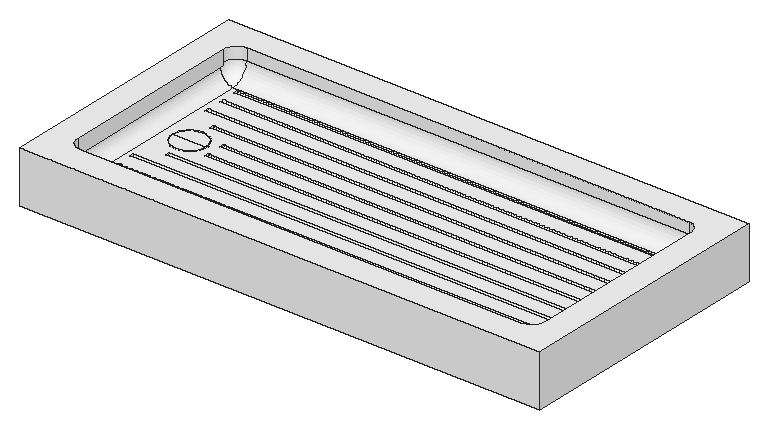
Revit family "RECEPTÁCULO DE ACRÍLICO 140 X 70", category Aparatos sanitarios, Revit 2020
Family settings
  Cota de conector redondo = Radio de uso
  Tipo de pieza = Normal
  Número OmniClass = 23.45.05.14.21.11
  Título OmniClass = Bath/Shower Units
  Se basa en plano de trabajo = No
  Siempre vertical = Sí
  Corte con vacíos al cargar = No
  Compartido = No
  Punto de cálculo de habitación = No
Parameters (values of type "RECEPTÁCULO DE ACRÍLICO 140 X 70")
  URL = "https://briggs.cl/producto/receptaculo-de-ducha-acrilico-140-cm-con-registro-y-desague/"
  Receptáculo = Acrílico Recubierto
  Sanitary Radius = 20 mm
  WFU = 2
  F_Tolerancia dimensional = ""
  F_Tipo de instalación = ""
  F_Tipo de aro = ""
  F_SKU = "SB0048901301CB"
  F_Profundidad = 140.00 cm
  F_Productos necesarios para instalación = ""
  F_Productos incluidos = "Desgüe gran caudal, sifón corrugado"
  F_Peso = 15.60 kgf
  F_Distancia de instalación a muro terminado (cm) = ""
  F_Descripción = "Receptáculo acrílico recubierto de 2,5 mm de espesor con registro. Fibra de vidrio álcali-resistente, resina insaturada y\r\nbarra de madera MDF. Superficie interior con relieve, patas ajustables. Resiste 200 kg"
  F_Contacto comercial = "ventas@briggs.cl"
  F_Consumo / Capacidad de agua (L) = ""
  F_Color = "Blanco"
  F_Certificación = ""
  F_Ancho = 70.00 cm
  F_Alto = 14.00 cm
  Elevación por defecto = 0.00 cm
  HWFU = 1
  Flow Pressure [instance] = 55158.0 Pa
  Cold Water Radius = 7.5 mm
  CWFU = 1
Reference planes (cm)
  plane 1 "Center (Front/Back)": y = 0
  plane 2: z = 0
  plane 3 "Center (Left/Right)": x = 0
  plane 4: y = 35
  plane 5: y = -35
  plane 6: z = 14
  plane 7: y = 28
  plane 8: y = -28
  plane 9: x = 70
  plane 10: x = 63
  plane 11: x = -70
  plane 12: x = -63
  plane 13 "Desague": x = -52.5
Forms (cm)
  Extrusion 1, solid, material "Acrílico Recubierto" <- "Receptáculo"
    sketch origin (0, 0, 0) x (1, 0, 0) y (0, 1, 0)
      loop
        line (-70, 35) -> (-70, -35) -> (70, -35) -> (70, 35) -> (-70, 35)
    from 0 to 14
  Sweep 2, void
    path origin (0, 0, 0) x (0, 1, 0) y (0, 0, 1)
      loop
        line (-24.5, 21.5) -> (-24.5, 11)
        arc (-24.5, 11) -> (-24.2071, 10.2929) -> (-23.5, 10) r 1
        line (-23.5, 10) -> (23.5, 10)
        arc (23.5, 10) -> (24.2071, 10.2929) -> (24.5, 11) r 1
        line (24.5, 11) -> (24.5, 21.5)
    profile origin (0, -24.5, 16.25) x (1, 0, 0) y (0, 1, 0)
      loop
        arc (59.5, -3.5) -> (61.9749, -2.4749) -> (63, 0) r 3.5
        line (63, 0) -> (-63, 0)
        arc (-63, 0) -> (-61.9749, -2.4749) -> (-59.5, -3.5) r 3.5
        line (-59.5, -3.5) -> (59.5, -3.5)
  Extrusion 3, void
    sketch origin (0, 0, 0) x (1, 0, 0) y (0, 1, 0)
      loop
        line (-63, 24.5) -> (-63, -24.5) -> (63, -24.5) -> (63, 24.5) -> (-63, 24.5)
    from 10 to 14
  Extrusion 4, void
    sketch origin (-5, 0, 0) x (1, 0, 0) y (0, 1, 0)
      loop
        circle (-47.5, 0) r 4.5
    from 0 to 25
  Extrusion 5, void
    sketch origin (0, 0, 0) x (0, 1, 0) y (0, 0, 1)
      loop
        arc (12, 6.5) -> (12.5, 6) -> (13, 6.5) r 0.5
        line (13, 6.5) -> (12, 6.5)
      loop
        arc (17, 6.5) -> (17.5, 6) -> (18, 6.5) r 0.5
        line (18, 6.5) -> (17, 6.5)
      loop
        arc (22, 6.5) -> (22.5, 6) -> (23, 6.5) r 0.5
        line (23, 6.5) -> (22, 6.5)
      loop
        line (-12, 6.5) -> (-13, 6.5)
        arc (-13, 6.5) -> (-12.5, 6) -> (-12, 6.5) r 0.5
      loop
        line (-17, 6.5) -> (-18, 6.5)
        arc (-18, 6.5) -> (-17.5, 6) -> (-17, 6.5) r 0.5
      loop
        line (-22, 6.5) -> (-23, 6.5)
        arc (-23, 6.5) -> (-22.5, 6) -> (-22, 6.5) r 0.5
    from -58 to 58
  Extrusion 6, void
    sketch origin (0, 0, 0) x (0, 1, 0) y (0, 0, 1)
      loop
        arc (7, 6.5) -> (7.5, 6) -> (8, 6.5) r 0.5
        line (8, 6.5) -> (7, 6.5)
      loop
        line (-7, 6.5) -> (-8, 6.5)
        arc (-8, 6.5) -> (-7.5, 6) -> (-7, 6.5) r 0.5
    from -52.5 to 58
  Extrusion 7, void
    sketch origin (0, 0, 0) x (0, 1, 0) y (0, 0, 1)
      loop
        arc (2, 6.5) -> (2.5, 6) -> (3, 6.5) r 0.5
        line (3, 6.5) -> (2, 6.5)
      loop
        line (-2, 6.5) -> (-3, 6.5)
        arc (-3, 6.5) -> (-2.5, 6) -> (-2, 6.5) r 0.5
    from -45.91 to 58
  Revolve 8, solid, material "Acrílico Recubierto" <- "Receptáculo"
    sketch origin (-5, 0, 0) x (1, 0, 0) y (0, 0, 1)
      loop
        line (-47.5, 6.5) -> (-47.5, 0) -> (-44.5, 0) -> (-44.5, 1.2312) -> (-44.1683, 1.2312) -> (-44.1683, 3.3157) -> (-43.9568, 3.3157) -> (-43.9568, 3.8157) -> (-43.8366, 3.8157) -> (-43.8366, 4.6252) -> (-43.2825, 4.6252) -> (-43.2825, 5.6252) -> (-43, 6.0036) -> (-43, 6.5) -> (-47.5, 6.5)
      axis (-47.5, 6.5) -> (-47.5, 0)
    angle from 0 to 360
  Extrusion 9, solid, material "Acrílico Recubierto" <- "Receptáculo"
    sketch origin (-52.5, 0, 0) x (0, 1, 0) y (0, 0, 1)
      loop
        circle (0, 2.9407) r 2.54
    from 0 to 6.59
  Extrusion 10, solid, material "Acrílico Recubierto" <- "Receptáculo"
    sketch origin (-52.5, 0, 0) x (0, 1, 0) y (0, 0, 1)
      loop
        circle (0, 2.9407) r 1.27
    from 0 to -6.59
  Extrusion 11, void
    sketch origin (0, 0, 0) x (1, 0, 0) y (0, 1, 0)
      loop
        line (62.5, -32.5) -> (62.5, 32.5) -> (-62.5, 32.5) -> (-62.5, -32.5) -> (62.5, -32.5)
    from 0 to 6
Cuts and joins
  Sweep 2, Extrusion 3, Extrusion 4, Extrusion 5, Extrusion 6, Extrusion 7, Extrusion 11 cuts Extrusion 1
Lines and regions (cm)
  Masking region 1
    outline origin (0, 0, 0) x (1, 0, 0) y (0, 0, 1)
      loop
        line (-70, 14) -> (-70, 0) -> (70, 0) -> (70, 14) -> (-70, 14)
  symbolic lines
    curve 1: line (-63, 0, 14) -> (-63, 0, 10.6175)
    curve 2: line (-59.3845, 0, 7.1194) -> (61.066, 0, 10.7663)
    curve 3: arc (-63, 0, 10.6175) -> (-61.9337, 0, 8.1021) -> (-59.3845, 0, 7.1194) r 3.5
    curve 4: line (-57, 0, 6.4052) -> (-48, 0, 6.4052)
    curve 5: line (-57, 0, 5.3388) -> (-57, 0, 6.4052)
    curve 6: line (-48, 0, 5.3388) -> (-57, 0, 5.3388)
    curve 7: line (-48, 0, 6.4052) -> (-48, 0, 5.3388)
    curve 8: line (-48, 0, 6.4052) -> (-47.1483, 0, 7.4899)
    curve 9: line (-57, 0, 6.4052) -> (-57.5095, 0, 7.1761)
    curve 27: line (63, 0, 12.7652) -> (63, 0, 14)
    curve 28: arc (61.066, 0, 10.7663) -> (62.4374, 0, 11.3746) -> (63, 0, 12.7652) r 2
  symbolic lines, style "PlumbingFixturesHiddenLines"
    curve 10: line (-52.5, 0, 7.3278) -> (-52.5, 0, 0)
  model lines, style "PlumbingFixturesHiddenLines"
    curve 11: line (-67.5, -35, 13) -> (-67.5, -35, 1)
    curve 12: line (-47.5, -35, 13) -> (-47.5, -35, 1)
    curve 13: line (-67.5, -35, 13) -> (-47.5, -35, 13)
    curve 14: line (-67.5, -35, 1) -> (-47.5, -35, 1)
    curve 15: line (-66.5, -35, 12) -> (-48.5, -35, 12)
    curve 16: line (-66.5, -35, 2) -> (-66.5, -35, 12)
    curve 17: line (-48.5, -35, 2) -> (-66.5, -35, 2)
    curve 18: line (-48.5, -35, 12) -> (-48.5, -35, 2)
    curve 19: line (-67.5, 35, 13) -> (-67.5, 35, 1)
    curve 20: line (-47.5, 35, 13) -> (-47.5, 35, 1)
    curve 21: line (-67.5, 35, 13) -> (-47.5, 35, 13)
    curve 22: line (-67.5, 35, 1) -> (-47.5, 35, 1)
    curve 23: line (-66.5, 35, 12) -> (-48.5, 35, 12)
    curve 24: line (-66.5, 35, 2) -> (-66.5, 35, 12)
    curve 25: line (-48.5, 35, 2) -> (-66.5, 35, 2)
    curve 26: line (-48.5, 35, 12) -> (-48.5, 35, 2)
Dimensions and locks (cm)
  plane 11 to plane 3 "Center (Left/Right)" to plane 9 = 70.00 cm, 70.00 cm
  plane 11 to plane 9 = 140.00 cm
  equal spacing: plane 4, plane 1 "Center (Front/Back)", plane 5
  plane 4 to plane 5 = 70.00 cm
  plane 6 to level = 14.00 cm
  plane 11 to plane 12 = 7.00 cm
  plane 4 to plane 7 = 7.00 cm
  plane 11 to plane 13 "Desague" = 17.50 cm
  diameter of cut or joined group of Extrusion 1, Sweep 2, Extrusion 3, Extrusion 4, Extrusion 5, Extrusion 6, Extrusion 7, Extrusion 11 = 9.00 cm
  radius of cut or joined group of Extrusion 1, Sweep 2, Extrusion 3, Extrusion 4, Extrusion 5, Extrusion 6, Extrusion 7, Extrusion 11 = 3.50 cm
  aligned and locked: plane 6 to Extrusion 1
  aligned and locked: plane 11 to Masking region 1 sketch curve
  aligned and locked: Masking region 1 sketch curve to plane 9
Automatic sketch dimensions
  plane 1 "Center (Front/Back)" to Extrusion 4 sketch curve = 0.00 cm
  plane 1 "Center (Front/Back)" to Extrusion 6 sketch curve = 8.00 cm
  Extrusion 6 sketch curve to Extrusion 6 sketch curve = 0.50 cm  (x2)
  Extrusion 6 sketch curve to plane 1 "Center (Front/Back)" = 7.00 cm
  level to Extrusion 6 sketch curve = 6.50 cm  (x2)
  plane 1 "Center (Front/Back)" to Extrusion 7 sketch curve = 3.00 cm
  Extrusion 7 sketch curve to Extrusion 7 sketch curve = 0.50 cm  (x2)
  Extrusion 7 sketch curve to plane 1 "Center (Front/Back)" = 2.00 cm
  level to Extrusion 7 sketch curve = 6.50 cm
  Extrusion 7 sketch curve to Extrusion 7 sketch curve = 0.00 cm
  plane 5 to Extrusion 11 sketch curve = 2.50 cm
  Extrusion 11 sketch curve to plane 4 = 2.50 cm
  plane 12 to Extrusion 11 sketch curve = 0.50 cm
  Extrusion 11 sketch curve to plane 10 = 0.50 cm
  Extrusion 1 sketch curve to plane 5 = 0.00 cm
  Extrusion 1 sketch curve to plane 11 = 0.00 cm
  Extrusion 1 sketch curve to plane 9 = 0.00 cm
  Extrusion 1 sketch curve to plane 4 = 0.00 cm
  plane 13 "Desague" to Extrusion 4 sketch curve = 0.00 cm
  Extrusion 10 sketch curve to plane 1 "Center (Front/Back)" = 0.00 cm
  level to Extrusion 10 sketch curve = 2.9407 cm
  Extrusion 9 sketch curve to plane 1 "Center (Front/Back)" = 0.00 cm
  level to Extrusion 9 sketch curve = 2.9407 cm
  Sweep 2 sketch curve to plane 8 = 3.50 cm
  Sweep 2 sketch curve to Sweep 2 sketch curve = 1.00 cm  (x2)
  plane 7 to Sweep 2 sketch curve = 4.50 cm
  Sweep 2 sketch curve to plane 6 = 4.00 cm
  plane 6 to Sweep 2 sketch curve = 7.50 cm  (x2)
  profile plane to Sweep 2 sketch curve = 0.00 cm
  Sweep 2 sketch curve to plane 3 "Center (Left/Right)" = 63.00 cm
  Sweep 2 sketch curve to Sweep 2 sketch curve = 3.50 cm
  plane 3 "Center (Left/Right)" to Sweep 2 sketch curve = 59.50 cm
  Extrusion 3 sketch curve to plane 12 = 0.00 cm
  Extrusion 3 sketch curve to plane 10 = 0.00 cm
  Extrusion 3 sketch curve to plane 8 = 3.50 cm
  plane 7 to Extrusion 3 sketch curve = 3.50 cm
  Extrusion 5 sketch curve to plane 8 = 5.00 cm
  Extrusion 5 sketch curve to Extrusion 5 sketch curve = 0.50 cm  (x6)
  Extrusion 5 sketch curve to Extrusion 5 sketch curve = 4.00 cm  (x4)
  Extrusion 5 sketch curve to plane 1 "Center (Front/Back)" = 12.00 cm
  level to Extrusion 5 sketch curve = 6.50 cm  (x2)
  Extrusion 5 sketch curve to Extrusion 5 sketch curve = 0.00 cm  (x4)
  Masking region 1 sketch curve to level = 0.00 cm
  Masking region 1 sketch curve to plane 6 = 0.00 cm
  Extrusion 1 to curve 14 = 1.00 cm
  Extrusion 1 to curve 14 = 22.50 cm
  curve 12 to curve 18 = 1.00 cm
  Extrusion 1 to curve 15 = 3.50 cm
  curve 15 to curve 13 = 1.00 cm
  curve 18 to curve 12 = 1.00 cm
  Extrusion 1 to curve 15 = 2.00 cm
  Extrusion 1 to curve 11 = 1.00 cm
  level to curve 22 = 1.00 cm
  plane 13 "Desague" to curve 22 = 5.00 cm
  curve 20 to curve 26 = 1.00 cm
  curve 23 to plane 12 = 3.50 cm
  curve 21 to plane 12 = 4.50 cm
  curve 20 to curve 25 = 1.00 cm
  curve 23 to plane 6 = 2.00 cm
  curve 21 to plane 6 = 1.00 cm
  Revolve 8 sketch curve to plane 13 "Desague" = 0.00 cm  (x2)
  Revolve 8 sketch curve to level = 0.00 cm
  plane 13 "Desague" to Revolve 8 sketch curve = 3.00 cm
  Revolve 8 sketch curve to Revolve 8 sketch curve = 0.3317 cm
  Revolve 8 sketch curve to Revolve 8 sketch curve = 0.2115 cm
  Revolve 8 sketch curve to Revolve 8 sketch curve = 0.1201 cm
  Revolve 8 sketch curve to Revolve 8 sketch curve = 0.5541 cm
  Revolve 8 sketch curve to Revolve 8 sketch curve = 0.2825 cm
  level to Revolve 8 sketch curve = 1.2312 cm
  Revolve 8 sketch curve to Revolve 8 sketch curve = 2.0845 cm
  Revolve 8 sketch curve to Revolve 8 sketch curve = 0.50 cm
  Revolve 8 sketch curve to Revolve 8 sketch curve = 0.8095 cm
  Revolve 8 sketch curve to Revolve 8 sketch curve = 1.00 cm
  Revolve 8 sketch curve to Revolve 8 sketch curve = 0.3784 cm
  Revolve 8 sketch curve to Revolve 8 sketch curve = 0.4964 cm
  Revolve 8 sketch curve to plane 6 = 3.00 cm
  plane 6 to Revolve 8 sketch curve = 3.50 cm
  curve 1 to plane 12 = 0.00 cm
  curve 10 to level = 0.00 cm
  curve 10 to plane 13 "Desague" = 0.00 cm
  curve 27 to plane 6 = 0.00 cm
  curve 27 to plane 10 = 0.00 cm
  curve 1 to plane 6 = 0.00 cm
  plane 12 to curve 3 = 3.50 cm
  curve 3 to curve 2 = 0.1155 cm
  curve 3 to curve 4 = 2.3845 cm
  plane 13 "Desague" to curve 8 = 4.50 cm
  curve 28 to plane 6 = 1.2348 cm
  curve 28 to curve 27 = 2.00 cm
  curve 2 to plane 10 = 1.934 cm
  level to curve 6 = 5.3388 cm
  curve 6 to curve 7 = 1.0663 cm
  curve 4 to curve 2 = 0.7142 cm
  curve 9 to curve 4 = 0.5095 cm
  curve 4 to curve 8 = 0.8517 cm
  radius of Extrusion 4 sketch curve = 4.50 cm
  radius of Extrusion 10 sketch curve = 1.27 cm
  radius of Extrusion 9 sketch curve = 2.54 cm
Connectors (cm)
  piping at (-52.5, 0, 0), diameter 5.08
    settings: on Revolve 8, index 1, connector inside diameter 609.6 mm, connector length 0.00 cm, flow factor 0, pipe flow 0.0 L/s, pressure drop 0.0 Pa, fitting loss kfactor 0, connector angle 0.00°, fixture units 0, engagement length 0.00 cm, angle of deflection 0.00°, flow configuration 3, flow direction 2, fitting loss method 4, system type 16, joint type 0, gender type 0, connector reference index -1, connector utility 0, adjustable connector no, is connector primary yes, connector description "OUT"
